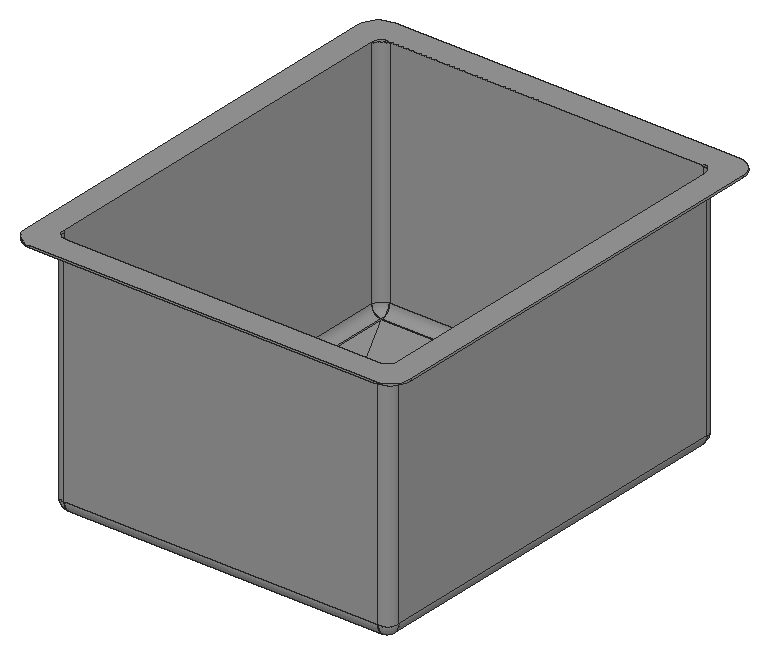
Revit family "BUILDMAT-SNA00020-Maya-380-Stainless-Steel", category Plumbing Fixtures, host Face, Revit 2020
Family settings
  Host = Face
  Round Connector Dimension = Use Diameter
  Part Type = Normal
  Cut with Voids When Loaded = No
  Shared = No
  Room Calculation Point = No
Parameters (values of type "Maya 380x450x250mm")
  Width = 330.0 mm
  Undermount [instance] = 0.0 mm
  URL = "https://www.buildmat.com.au/products/maya-380x450-single-bowl-sink"
  Side Sound Pad = no
  Side Brackets = yes
  Model = "SNA00020"  # constant formula
  Middle Sound Pad = yes
  Middle Bracket = no
  Manufacturer URL = "https://www.buildmat.com.au/"
  Manufacturer = "BUILDMAT"  # constant formula
  Length = 400.0 mm
  Description = "BUILDMAT - Maya 380x450 Single Bowl Sink"  # constant formula
  Depth = 250.0 mm
  Default Elevation = 1219.2 mm
  Created By URL = "https://www.buildmat.com.au/"
  Created By = "BUILDMAT"  # constant formula
  Created = "22.06.2022"  # constant formula
  Material = BUILDMAT Stainless Steel
Reference planes
  plane 1 "Center (Front/Back)": y = 0
  plane 2: z = 0
  plane 3 "Center (Left/Right)": x = 0
  plane 4 "Top Substrate": z = 0
  plane 5 "Left": x = -165
  plane 6 "Right": x = 165
  plane 7 "Back": y = 200
  plane 8 "Front": y = -200
  plane 9: x = -190
  plane 10: x = 190
  plane 11: y = -225
  plane 12: y = 225
  plane 13 "Bottom Void": z = -250
  plane 14: z = 1.5
  plane 15: x = -166.5
  plane 16: y = -201.5
  plane 17: x = 166.5
  plane 18: y = 201.5
  plane 19: z = -240
  plane 20: z = -230
  plane 21: x = -155
  plane 22: x = 155
  plane 23: y = -190
  plane 24: y = 190
  plane 25: z = -245
  plane 26: z = -241.5
  plane 27: z = -246.5
  plane 28: x = -100
  plane 29: x = 100
  plane 30 "Sound Pad": z = -130
  plane 31 "Front Bracket": y = -100
  plane 32 "Back Bracket": y = 100
  plane 33: x = -65
  plane 34: x = 65
  plane 35: x = -57
  plane 36: x = 57
  plane 37: x = -45
  plane 38: x = 45
Forms (mm)
  Extrusion 1, void
    sketch origin (0, 0, 0) x (1, 0, 0) y (0, 1, 0)
      loop
        arc (-155, 200) -> (-162.071, 197.071) -> (-165, 190) r 10
        line (-165, 190) -> (-165, -190)
        arc (-165, -190) -> (-162.071, -197.071) -> (-155, -200) r 10
        line (-155, -200) -> (155, -200)
        arc (155, -200) -> (162.071, -197.071) -> (165, -190) r 10
        line (165, -190) -> (165, 190)
        arc (165, 190) -> (162.071, 197.071) -> (155, 200) r 10
        line (155, 200) -> (-155, 200)
    from 0 to 1.5
  Extrusion 2, void
    sketch origin (0, 0, 0) x (1, 0, 0) y (0, 1, 0)
      loop
        line (-166.5, 201.5) -> (-166.5, -201.5) -> (166.5, -201.5) -> (166.5, 201.5) -> (-166.5, 201.5)
    from 0 to -250
  Extrusion 3, void
    sketch origin (0, 0, 0) x (1, 0, 0) y (0, 1, 0)
      loop
        arc (-170, 225) -> (-184.142, 219.142) -> (-190, 205) r 20
        line (-190, 205) -> (-190, -205)
        arc (-190, -205) -> (-184.142, -219.142) -> (-170, -225) r 20
        line (-170, -225) -> (170, -225)
        arc (170, -225) -> (184.142, -219.142) -> (190, -205) r 20
        line (190, -205) -> (190, 205)
        arc (190, 205) -> (184.142, 219.142) -> (170, 225) r 20
        line (170, 225) -> (-170, 225)
    from 1.5 to 0
  Extrusion 4, solid, material "BUILDMAT Stainless Steel" <- "Material"
    sketch origin (0, 0, 0) x (-1, 0, 0) y (0, -1, 0)
      loop
        arc (170, -225) -> (184.142, -219.142) -> (190, -205) r 20
        line (190, -205) -> (190, 205)
        arc (190, 205) -> (184.142, 219.142) -> (170, 225) r 20
        line (170, 225) -> (-170, 225)
        arc (-170, 225) -> (-184.142, 219.142) -> (-190, 205) r 20
        line (-190, 205) -> (-190, -205)
        arc (-190, -205) -> (-184.142, -219.142) -> (-170, -225) r 20
        line (-170, -225) -> (170, -225)
      loop
        arc (155, -200) -> (162.071, -197.071) -> (165, -190) r 10
        line (165, -190) -> (165, 190)
        arc (165, 190) -> (162.071, 197.071) -> (155, 200) r 10
        line (155, 200) -> (-155, 200)
        arc (-155, 200) -> (-162.071, 197.071) -> (-165, 190) r 10
        line (-165, 190) -> (-165, -190)
        arc (-165, -190) -> (-162.071, -197.071) -> (-155, -200) r 10
        line (-155, -200) -> (155, -200)
    from 0 to 1.5
  Extrusion 5, solid, material "BUILDMAT Stainless Steel" <- "Material"
    sketch origin (0, 0, 0) x (-1, 0, 0) y (0, -1, 0)
      loop
        arc (155, -201.5) -> (163.132, -198.132) -> (166.5, -190) r 11.5
        line (166.5, -190) -> (166.5, 190)
        arc (166.5, 190) -> (163.132, 198.132) -> (155, 201.5) r 11.5
        line (155, 201.5) -> (-155, 201.5)
        arc (-155, 201.5) -> (-163.132, 198.132) -> (-166.5, 190) r 11.5
        line (-166.5, 190) -> (-166.5, -190)
        arc (-166.5, -190) -> (-163.132, -198.132) -> (-155, -201.5) r 11.5
        line (-155, -201.5) -> (155, -201.5)
      loop
        arc (-155, 200) -> (-162.071, 197.071) -> (-165, 190) r 10
        line (-165, 190) -> (-165, -190)
        arc (-165, -190) -> (-162.071, -197.071) -> (-155, -200) r 10
        line (-155, -200) -> (155, -200)
        arc (155, -200) -> (162.071, -197.071) -> (165, -190) r 10
        line (165, -190) -> (165, 190)
        arc (165, 190) -> (162.071, 197.071) -> (155, 200) r 10
        line (155, 200) -> (-155, 200)
    from 0 to -230
  Revolve 6, solid, material "BUILDMAT Stainless Steel" <- "Material"
    sketch origin (-175.162, 190, 1219.2) x (-1, 0, 0) y (0, 0, 1)
      loop
        line (-340.162, -1449.2) -> (-341.662, -1449.2)
        arc (-341.662, -1449.2) -> (-338.293, -1457.332) -> (-330.162, -1460.7) r 11.5
        line (-330.162, -1460.7) -> (-330.162, -1459.2)
        arc (-330.162, -1459.2) -> (-337.233, -1456.271) -> (-340.162, -1449.2) r 10
      axis (-330.162, -1460.7) -> (-330.162, -1449.2)
    angle from 0 to -90
  Revolve 7, solid, material "BUILDMAT Stainless Steel" <- "Material"
    sketch origin (-175.162, 190, 1219.2) x (-1, 0, 0) y (0, 0, 1)
      loop
        arc (-10.162, -1449.2) -> (-13.091, -1456.271) -> (-20.162, -1459.2) r 10
        line (-20.162, -1459.2) -> (-20.162, -1460.7)
        arc (-20.162, -1460.7) -> (-12.03, -1457.332) -> (-8.662, -1449.2) r 11.5
        line (-8.662, -1449.2) -> (-10.162, -1449.2)
      axis (-20.162, -1449.2) -> (-20.162, -1460.7)
    angle from 0 to -90
  Revolve 8, solid, material "BUILDMAT Stainless Steel" <- "Material"
    sketch origin (-175.162, -190, 1219.2) x (-1, 0, 0) y (0, 0, 1)
      loop
        arc (-10.162, -1449.2) -> (-13.091, -1456.271) -> (-20.162, -1459.2) r 10
        line (-20.162, -1459.2) -> (-20.162, -1460.7)
        arc (-20.162, -1460.7) -> (-12.03, -1457.332) -> (-8.662, -1449.2) r 11.5
        line (-8.662, -1449.2) -> (-10.162, -1449.2)
      axis (-20.162, -1449.2) -> (-20.162, -1460.7)
    angle from 0 to 90
  Revolve 9, solid, material "BUILDMAT Stainless Steel" <- "Material"
    sketch origin (-175.162, -190, 1219.2) x (-1, 0, 0) y (0, 0, 1)
      loop
        line (-340.162, -1449.2) -> (-341.662, -1449.2)
        arc (-341.662, -1449.2) -> (-338.293, -1457.332) -> (-330.162, -1460.7) r 11.5
        line (-330.162, -1460.7) -> (-330.162, -1459.2)
        arc (-330.162, -1459.2) -> (-337.233, -1456.271) -> (-340.162, -1449.2) r 10
      axis (-330.162, -1449.2) -> (-330.162, -1460.7)
    angle from 0 to 90
  Extrusion 10, solid, material "BUILDMAT Stainless Steel" <- "Material"
    sketch origin (0, 0, 0) x (1, 0, 0) y (0, 0, 1)
      loop
        line (-165, -230) -> (-166.5, -230)
        arc (-166.5, -230) -> (-163.132, -238.132) -> (-155, -241.5) r 11.5
        line (-155, -241.5) -> (-155, -240)
        arc (-155, -240) -> (-162.071, -237.071) -> (-165, -230) r 10
    from -190 to 190
  Extrusion 11, solid, material "BUILDMAT Stainless Steel" <- "Material"
    sketch origin (0, 0, 0) x (1, 0, 0) y (0, 0, 1)
      loop
        arc (165, -230) -> (162.071, -237.071) -> (155, -240) r 10
        line (155, -240) -> (155, -241.5)
        arc (155, -241.5) -> (163.132, -238.132) -> (166.5, -230) r 11.5
        line (166.5, -230) -> (165, -230)
    from -190 to 190
  Extrusion 12, solid, material "BUILDMAT Stainless Steel" <- "Material"
    sketch origin (0, 0, 0) x (0, 1, 0) y (0, 0, 1)
      loop
        arc (200, -230) -> (197.071, -237.071) -> (190, -240) r 10
        line (190, -240) -> (190, -241.5)
        arc (190, -241.5) -> (198.132, -238.132) -> (201.5, -230) r 11.5
        line (201.5, -230) -> (200, -230)
    from -155 to 155
  Extrusion 13, solid, material "BUILDMAT Stainless Steel" <- "Material"
    sketch origin (0, 0, 0) x (0, 1, 0) y (0, 0, 1)
      loop
        line (-200, -230) -> (-201.5, -230)
        arc (-201.5, -230) -> (-198.132, -238.132) -> (-190, -241.5) r 11.5
        line (-190, -241.5) -> (-190, -240)
        arc (-190, -240) -> (-197.071, -237.071) -> (-200, -230) r 10
    from -155 to 155
  Revolve 14, solid, material "BUILDMAT Stainless Steel" <- "Material"
    sketch origin (0, 0, 0) x (1, 0, 0) y (0, 0, 1)
      loop
        line (-45, -250) -> (-45, -248.5)
        spline (-45, -248.5) -> (-46.484, -248.459) -> (-47.939, -248.339) -> (-49.337, -248.141) -> (-50.649, -247.871) -> (-51.848, -247.537) -> (-52.908, -247.151) -> (-53.805, -246.726) -> (-54.514, -246.283) -> (-55.023, -245.856) -> (-55.329, -245.483) -> (-55.468, -245.202) -> (-55.5, -245)
        line (-55.5, -245) -> (-57, -245)
        spline (-57, -245) -> (-56.897, -245.653) -> (-56.591, -246.294) -> (-56.087, -246.913) -> (-55.392, -247.5) -> (-54.52, -248.044) -> (-53.485, -248.536) -> (-52.305, -248.967) -> (-51, -249.33) -> (-49.592, -249.619) -> (-48.106, -249.83) -> (-46.566, -249.957) -> (-45, -250)
      axis (0, -245) -> (0, -250)
    angle from 0 to 360
  Blend 15, solid, material "BUILDMAT Stainless Steel" <- "Material"
    base sketch origin (0, 0, 0) x (-1, 0, 0) y (0, -1, 0)
      loop
        circle (0, 0) r 57
    top sketch origin (0, 0, 0) x (-1, 0, 0) y (0, -1, 0)
      loop
        line (155, -190) -> (155, 190) -> (-155, 190) -> (-155, -190) -> (155, -190)
    from -246.5 to -241.5
  Blend 16, void
    base sketch origin (0, 0, 0) x (-1, 0, 0) y (0, -1, 0)
      loop
        circle (0, 0) r 57
    top sketch origin (0, 0, 0) x (-1, 0, 0) y (0, -1, 0)
      loop
        line (155, -190) -> (155, 190) -> (-155, 190) -> (-155, -190) -> (155, -190)
    from -245 to -240
  Extrusion 17, solid, material "BUILDMAT Stainless Steel" <- "Material"
    sketch origin (0, 0, 0) x (-1, 0, 0) y (0, -1, 0)
      loop
        line (155, -190) -> (155, 190) -> (-155, 190) -> (-155, -190) -> (155, -190)
    from -241.5 to -240
  Extrusion 18, void
    sketch origin (0, 0, 0) x (-1, 0, 0) y (0, -1, 0)
      loop
        circle (0, 0) r 57
    from -250 to -230
Cuts and joins
  joined: Extrusion 4, Extrusion 5
  joined: Revolve 6, Revolve 9
  joined: Revolve 7, Revolve 8
  Blend 16, Extrusion 18 cuts Blend 15
  Blend 16, Extrusion 18 cuts Extrusion 17
  joined: Blend 15, Extrusion 17
Lines and regions (mm)
  Masking region 1
    outline origin (0, 0, 0) x (1, 0, 0) y (0, 0, 1)
      loop
        line (165, 0) -> (-165, 0) -> (-165, -230)
        arc (-165, -230) -> (-162.071, -237.071) -> (-155, -240) r 10
        line (-155, -240) -> (-57, -245) -> (57, -245) -> (155, -240)
        arc (155, -240) -> (162.071, -237.071) -> (165, -230) r 10
        line (165, -230) -> (165, 0)
  Masking region 2
    outline origin (0, 0, 0) x (1, 0, 0) y (0, 0, 1)
      loop
        line (-100, -244.306) -> (-100, -250) -> (-57, -250) -> (-57, -246.5) -> (-100, -244.306)
  Masking region 3
    outline origin (0, 0, 0) x (1, 0, 0) y (0, 0, 1)
      loop
        line (57, -246.5) -> (57, -250) -> (100, -250) -> (100, -244.306) -> (57, -246.5)
Text (mm)
  text "Refer to www.buildmat.com.au for the most current product literature. \nAllow a +/- 5mm tolerance for dimensions shown in the product literature. \nPlease note product details are subject to change due to ongoing product development." at (0.056, -1035.857, 0), in view "Ref. Level"
Dimensions and locks
  "Undermount": plane 2 to plane 4 "Top Substrate"
  equal spacing: plane 5 "Left", plane 3 "Center (Left/Right)", plane 6 "Right"
  "Width": plane 5 "Left" to plane 6 "Right"
  "Length": plane 7 "Back" to plane 8 "Front"
  equal spacing: plane 7 "Back", plane 1 "Center (Front/Back)", plane 8 "Front"
  locked: plane 12 to plane 7 "Back" at 25
  locked: plane 8 "Front" to plane 11 at 25
  locked: plane 9 to plane 5 "Left" at 25
  locked: plane 6 "Right" to plane 10 at 25
  "Depth": plane 4 "Top Substrate" to plane 13 "Bottom Void"
  locked: plane 14 to plane 4 "Top Substrate" at 1.5
  locked: plane 18 to plane 7 "Back" at 1.5
  locked: plane 8 "Front" to plane 16 at 1.5
  plane 15 to plane 5 "Left" = 1.5 mm
  plane 6 "Right" to plane 17 = 1.5 mm
  plane 20 to plane 19 to plane 13 "Bottom Void" = 10.0 mm, 10.0 mm
  locked: plane 5 "Left" to plane 21 at 10
  locked: plane 22 to plane 6 "Right" at 10
  locked: plane 7 "Back" to plane 24 at 10
  locked: plane 23 to plane 8 "Front" at 10
  locked: plane 19 to plane 26 at 1.5
  locked: plane 25 to plane 13 "Bottom Void" at 5
  locked: plane 25 to plane 27 at 1.5
  plane 29 to plane 3 "Center (Left/Right)" to plane 28 = 100.0 mm locked, 100.0 mm locked
  locked: plane 30 "Sound Pad" to plane 13 "Bottom Void" at 120
  locked: plane 7 "Back" to plane 32 "Back Bracket" at 100
  locked: plane 31 "Front Bracket" to plane 8 "Front" at 100
  locked: plane 33 to plane 5 "Left" at 100
  locked: plane 6 "Right" to plane 34 at 100
  equal spacing: plane 3 "Center (Left/Right)", nested 15, plane 33
  equal spacing: plane 34, nested 16, plane 3 "Center (Left/Right)"
  plane 37 to plane 3 "Center (Left/Right)" to plane 38 = 45.0 mm locked, 45.0 mm locked
  plane 35 to plane 3 "Center (Left/Right)" to plane 36 = 57.0 mm locked, 57.0 mm locked
  aligned and locked: plane 2 to host face
  aligned and locked: level to host face
  aligned and locked: plane 8 "Front" to Extrusion 1 sketch curve
  aligned and locked: Extrusion 1 sketch curve to plane 7 "Back"
  aligned and locked: plane 5 "Left" to Extrusion 1 sketch curve
  aligned and locked: Extrusion 1 sketch curve to plane 6 "Right"
  aligned and locked: plane 2 to Extrusion 1
  aligned and locked: Extrusion 1 to plane 14
  aligned and locked: Extrusion 2 sketch curve to plane 16
  aligned and locked: Extrusion 2 sketch curve to plane 18
  aligned and locked: plane 15 to Extrusion 2 sketch curve
  aligned and locked: plane 17 to Extrusion 2 sketch curve
  aligned and locked: Extrusion 2 to plane 13 "Bottom Void"
  aligned and locked: plane 4 "Top Substrate" to Extrusion 2
  aligned and locked: plane 11 to Extrusion 3 sketch curve
  aligned and locked: plane 9 to Extrusion 3 sketch curve
  aligned and locked: Extrusion 3 sketch curve to plane 10
  aligned and locked: Extrusion 3 sketch curve to plane 12
  aligned and locked: Extrusion 3 to plane 4 "Top Substrate"
  aligned and locked: plane 14 to Extrusion 3
  aligned and locked: plane 11 to Extrusion 4 sketch curve
  aligned and locked: Extrusion 4 sketch curve to plane 12
  aligned and locked: plane 9 to Extrusion 4 sketch curve
  aligned and locked: Extrusion 4 sketch curve to plane 10
  aligned and locked: plane 5 "Left" to Extrusion 4 sketch curve
  aligned and locked: Extrusion 4 sketch curve to plane 6 "Right"
  aligned and locked: Extrusion 4 sketch curve to plane 7 "Back"
  aligned and locked: plane 8 "Front" to Extrusion 4 sketch curve
  aligned and locked: Extrusion 5 sketch curve to plane 7 "Back"
  aligned and locked: plane 5 "Left" to Extrusion 5 sketch curve
  aligned and locked: Extrusion 5 sketch curve to plane 6 "Right"
  aligned and locked: plane 8 "Front" to Extrusion 5 sketch curve
  aligned and locked: plane 15 to Extrusion 5 sketch curve
  aligned and locked: Extrusion 5 sketch curve to plane 16
  aligned and locked: plane 17 to Extrusion 5 sketch curve
  aligned and locked: Extrusion 5 sketch curve to plane 18
  aligned and locked: Extrusion 5 to plane 20
  aligned and locked: plane 4 "Top Substrate" to Extrusion 5
  aligned and locked: Extrusion 11 to plane 23
  aligned and locked: plane 24 to Extrusion 11
  aligned and locked: plane 24 to Extrusion 10
  aligned and locked: Extrusion 10 to plane 23
  aligned and locked: Extrusion 13 to plane 21
  aligned and locked: plane 22 to Extrusion 13
  aligned and locked: plane 22 to Extrusion 12
  aligned and locked: Extrusion 12 to plane 21
  aligned and locked: plane 21 to Blend 15 sketch curve
  aligned and locked: Blend 15 sketch curve to plane 22
  aligned and locked: plane 23 to Blend 15 sketch curve
  aligned and locked: Blend 15 sketch curve to plane 24
  aligned and locked: plane 27 to Blend 15
  aligned and locked: Blend 15 to plane 26
  aligned and locked: Blend 16 sketch curve to plane 24
  aligned and locked: plane 21 to Blend 16 sketch curve
  aligned and locked: Blend 16 sketch curve to plane 22
  aligned and locked: plane 23 to Blend 16 sketch curve
  aligned and locked: Blend 16 to plane 25
  aligned and locked: plane 19 to Blend 16
  aligned and locked: Extrusion 17 sketch curve to plane 24
  aligned and locked: plane 23 to Extrusion 17 sketch curve
  aligned and locked: plane 21 to Extrusion 17 sketch curve
  aligned and locked: Extrusion 17 sketch curve to plane 22
  aligned and locked: Extrusion 17 to plane 26
  aligned and locked: plane 19 to Extrusion 17
  aligned and locked: Extrusion 18 to plane 13 "Bottom Void"
  aligned and locked: plane 20 to Extrusion 18
  aligned and locked: cut or joined group of Blend 15, Blend 16, Extrusion 17, Extrusion 18 to Masking region 2 sketch curve
  aligned and locked: Masking region 3 sketch curve to cut or joined group of Blend 15, Blend 16, Extrusion 17, Extrusion 18
  aligned and locked: plane 3 "Center (Left/Right)" to nested 1
  aligned and locked: nested 1 to plane 4 "Top Substrate"
  aligned and locked: plane 3 "Center (Left/Right)" to nested 2
  aligned and locked: nested 2 to plane 30 "Sound Pad"
  aligned and locked: nested 3 to plane 18
  aligned and locked: plane 3 "Center (Left/Right)" to nested 3
  aligned and locked: plane 16 to nested 4
  aligned and locked: nested 4 to plane 3 "Center (Left/Right)"
  aligned and locked: plane 31 "Front Bracket" to nested 6
  aligned and locked: plane 15 to nested 6
  aligned and locked: nested 8 to plane 31 "Front Bracket"
  aligned and locked: plane 17 to nested 8
  aligned and locked: nested 7 to plane 32 "Back Bracket"
  aligned and locked: plane 17 to nested 7
  aligned and locked: plane 32 "Back Bracket" to nested 5
  aligned and locked: plane 15 to nested 5
  aligned and locked: nested 9 to plane 4 "Top Substrate"
  aligned and locked: nested 9 to plane 33
  aligned and locked: nested 10 to plane 4 "Top Substrate"
  aligned and locked: nested 10 to plane 34
  aligned and locked: nested 13 to plane 33
  aligned and locked: nested 14 to plane 34
  aligned and locked: plane 16 to nested 13
  aligned and locked: plane 16 to nested 14
  aligned and locked: plane 33 to nested 11
  aligned and locked: nested 11 to plane 18
  aligned and locked: plane 34 to nested 12
  aligned and locked: nested 12 to plane 18
  aligned and locked: nested 15 to plane 30 "Sound Pad"
  aligned and locked: nested 16 to plane 30 "Sound Pad"
  aligned and locked: plane 23 to nested 17
  aligned and locked: plane 24 to nested 17
  aligned and locked: plane 22 to nested 17
  aligned and locked: plane 21 to nested 17
  aligned and locked: plane 3 "Center (Left/Right)" to nested 18
  aligned and locked: plane 1 "Center (Front/Back)" to nested 18
  aligned and locked: plane 4 "Top Substrate" to Masking region 1
Automatic sketch dimensions
  host sketch curve to host sketch curve = 2438.4 mm  (x2)
  plane 5 "Left" to Extrusion 1 sketch curve = 10.0 mm  (x2)
  Extrusion 1 sketch curve to plane 6 "Right" = 10.0 mm  (x2)
  Extrusion 4 sketch curve to plane 10 = 20.0 mm  (x2)
  Extrusion 4 sketch curve to Extrusion 4 sketch curve = 10.0 mm  (x2)
  plane 5 "Left" to Extrusion 4 sketch curve = 10.0 mm
  plane 9 to Extrusion 4 sketch curve = 20.0 mm
  plane 8 "Front" to Extrusion 4 sketch curve = 10.0 mm
  plane 11 to Extrusion 4 sketch curve = 20.0 mm
  Extrusion 3 sketch curve to plane 5 "Left" = 5.0 mm
  plane 6 "Right" to Extrusion 3 sketch curve = 5.0 mm  (x2)
  plane 7 "Back" to Extrusion 3 sketch curve = 5.0 mm
  plane 5 "Left" to Extrusion 5 sketch curve = 10.0 mm
  Extrusion 5 sketch curve to plane 6 "Right" = 10.0 mm
  plane 8 "Front" to Extrusion 5 sketch curve = 10.0 mm
  Extrusion 5 sketch curve to plane 7 "Back" = 10.0 mm
  Extrusion 5 sketch curve to Extrusion 5 sketch curve = 0.0 mm  (x4)
  Revolve 6 sketch curve to Revolve 6 sketch curve = 0.0 mm  (x3)
  plane 17 to Revolve 6 sketch curve = 0.0 mm
  Revolve 6 sketch curve to plane 6 "Right" = 0.0 mm
  Revolve 6 sketch curve to plane 22 = 0.0 mm  (x2)
  Revolve 6 sketch curve to plane 19 = 0.0 mm
  Revolve 6 sketch curve to plane 20 = 0.0 mm
  Revolve 7 sketch curve to Revolve 7 sketch curve = 0.0 mm  (x3)
  Revolve 7 sketch curve to plane 20 = 0.0 mm  (x2)
  Revolve 7 sketch curve to plane 21 = 0.0 mm  (x2)
  Revolve 7 sketch curve to plane 5 "Left" = 0.0 mm
  Revolve 7 sketch curve to plane 15 = 0.0 mm
  Revolve 8 sketch curve to Revolve 8 sketch curve = 0.0 mm  (x3)
  Revolve 8 sketch curve to plane 20 = 0.0 mm  (x2)
  Revolve 8 sketch curve to plane 21 = 0.0 mm  (x2)
  Revolve 8 sketch curve to plane 5 "Left" = 0.0 mm
  Revolve 8 sketch curve to plane 15 = 0.0 mm
  Revolve 9 sketch curve to Revolve 9 sketch curve = 0.0 mm  (x3)
  plane 17 to Revolve 9 sketch curve = 0.0 mm
  Revolve 9 sketch curve to plane 6 "Right" = 0.0 mm
  Revolve 9 sketch curve to plane 22 = 0.0 mm  (x2)
  Revolve 9 sketch curve to plane 20 = 0.0 mm
  Revolve 9 sketch curve to plane 19 = 0.0 mm
  Extrusion 10 sketch curve to plane 15 = 0.0 mm
  Extrusion 10 sketch curve to plane 5 "Left" = 0.0 mm
  Extrusion 10 sketch curve to plane 19 = 0.0 mm
  Extrusion 10 sketch curve to plane 21 = 0.0 mm
  Extrusion 11 sketch curve to plane 20 = 0.0 mm
  Extrusion 11 sketch curve to plane 22 = 0.0 mm
  Extrusion 11 sketch curve to plane 6 "Right" = 0.0 mm
  plane 17 to Extrusion 11 sketch curve = 0.0 mm
  Extrusion 12 sketch curve to plane 20 = 0.0 mm
  Extrusion 12 sketch curve to plane 24 = 0.0 mm
  Extrusion 12 sketch curve to plane 7 "Back" = 0.0 mm
  Extrusion 12 sketch curve to plane 18 = 0.0 mm
  Extrusion 13 sketch curve to plane 16 = 0.0 mm
  Extrusion 13 sketch curve to plane 8 "Front" = 0.0 mm
  Extrusion 13 sketch curve to plane 23 = 0.0 mm
  Extrusion 13 sketch curve to plane 19 = 0.0 mm
  Revolve 14 sketch curve to plane 25 = 0.0 mm
  Revolve 14 sketch curve to plane 13 "Bottom Void" = 0.0 mm  (x2)
  Revolve 14 sketch curve to plane 3 "Center (Left/Right)" = 0.0 mm
  Revolve 14 sketch curve to plane 20 = 0.0 mm
  Revolve 14 sketch curve to plane 3 "Center (Left/Right)" = 45.0 mm
  Revolve 14 sketch curve to Revolve 14 sketch curve = 10.5 mm
  Revolve 14 sketch curve to Revolve 14 sketch curve = 1.5 mm  (x2)
  Revolve 14 sketch curve to Revolve 14 sketch curve = 0.0 mm
  plane 1 "Center (Front/Back)" to Blend 15 sketch curve = 0.0 mm
  Blend 15 sketch curve to plane 3 "Center (Left/Right)" = 0.0 mm
  plane 1 "Center (Front/Back)" to Blend 16 sketch curve = 0.0 mm
  Blend 16 sketch curve to plane 3 "Center (Left/Right)" = 0.0 mm
  plane 1 "Center (Front/Back)" to Extrusion 18 sketch curve = 0.0 mm
  Extrusion 18 sketch curve to plane 3 "Center (Left/Right)" = 0.0 mm
  Masking region 1 sketch curve to level = 0.0 mm
  Masking region 1 sketch curve to plane 20 = 0.0 mm
  Masking region 1 sketch curve to plane 21 = 0.0 mm
  Masking region 1 sketch curve to plane 25 = 0.0 mm
  Masking region 1 sketch curve to plane 3 "Center (Left/Right)" = 57.0 mm
  plane 3 "Center (Left/Right)" to Masking region 1 sketch curve = 57.0 mm
  Masking region 1 sketch curve to plane 19 = 0.0 mm
  Masking region 1 sketch curve to plane 22 = 0.0 mm
  Masking region 1 sketch curve to plane 6 "Right" = 0.0 mm
  Masking region 1 sketch curve to plane 5 "Left" = 0.0 mm
  Masking region 2 sketch curve to plane 28 = 0.0 mm
  Masking region 2 sketch curve to plane 13 "Bottom Void" = 0.0 mm
  Masking region 2 sketch curve to plane 27 = 0.0 mm
  Masking region 3 sketch curve to plane 27 = 0.0 mm
  Masking region 3 sketch curve to plane 13 "Bottom Void" = 0.0 mm
  Masking region 3 sketch curve to plane 29 = 0.0 mm
  radius of Blend 15 sketch curve = 57.0 mm
  radius of Blend 16 sketch curve = 57.0 mm
  radius of Extrusion 18 sketch curve = 57.0 mm
Nested families
  nested 1: "TMB_Front" at (0, 0, 0) x (1, 0, 0) z (0, -1, 0), visible <- "Middle Bracket", type "TMB_Front"
  nested 2: "SP_Front" at (0, 0, -130) x (1, 0, 0) z (0, -1, 0), visible <- "Middle Sound Pad", type "SP_Front"
  nested 3: "TMB_Plan" at (0, 201.5, 0), visible <- "Middle Bracket", type "TMB_Plan"
  nested 4: "TMB_Plan" at (0, -201.5, 0) x (-1, 0, 0) z (0, 0, 1), visible <- "Middle Bracket", type "TMB_Plan"
  nested 5: "TMB_Plan" at (-166.5, 100, 0) x (0, 1, 0) z (0, 0, 1), type "TMB_Plan"
  nested 6: "TMB_Plan" at (-166.5, -100, 0) x (0, 1, 0) z (0, 0, 1), type "TMB_Plan"
  nested 7: "TMB_Plan" at (166.5, 100, 0) x (0, -1, 0) z (0, 0, 1), type "TMB_Plan"
  nested 8: "TMB_Plan" at (166.5, -100, 0) x (0, -1, 0) z (0, 0, 1), type "TMB_Plan"
  nested 9: "TMB_Front" at (-65, 0, 0) x (1, 0, 0) z (0, -1, 0), visible <- "Side Brackets", type "TMB_Front"
  nested 10: "TMB_Front" at (65, 0, 0) x (1, 0, 0) z (0, -1, 0), visible <- "Side Brackets", type "TMB_Front"
  nested 11: "TMB_Plan" at (-65, 201.5, 0), visible <- "Side Brackets", type "TMB_Plan"
  nested 12: "TMB_Plan" at (65, 201.5, 0), visible <- "Side Brackets", type "TMB_Plan"
  nested 13: "TMB_Plan" at (-65, -201.5, 0) x (-1, 0, 0) z (0, 0, 1), visible <- "Side Brackets", type "TMB_Plan"
  nested 14: "TMB_Plan" at (65, -201.5, 0) x (-1, 0, 0) z (0, 0, 1), visible <- "Side Brackets", type "TMB_Plan"
  nested 15: "SP_Front" at (-32.5, 0, -130) x (1, 0, 0) z (0, -1, 0), visible <- "Side Sound Pad", type "SP_Front"
  nested 16: "SP_Front" at (32.5, 0, -130) x (1, 0, 0) z (0, -1, 0), visible <- "Side Sound Pad", type "SP_Front"
  nested 17: "BOWL Plan" at (0, 0, -130), type "BOWL Plan"
    with Width 310.0 mm, Lenght 380.0 mm
  nested 18: "DRAIN" at (0, 0, 0), type "DRAIN"
Definition of nested family "TMB_Front"
  Reference planes
    plane 1 "Center (Elevation)": y = 0
    plane 2: z = 0
    plane 3 "Center (Left/Right)": x = 0
  Lines and regions (mm)
    Masking region 1, in view "Ref. Level"
      outline origin (0, 0, 0) x (1, 0, 0) y (0, 1, 0)
        loop
          line (-17.5, 0) -> (-17.5, -80) -> (17.5, -80) -> (17.5, 0) -> (-17.5, 0)
    detail lines, in view "Ref. Level"
      curve 1: line (-17.5, 0, 0) -> (-17.5, -80, 0)
      curve 2: line (-17.5, -80, 0) -> (17.5, -80, 0)
      curve 3: line (17.5, -80, 0) -> (17.5, 0, 0)
      curve 4: line (-12.5, -50, 0) -> (12.5, -50, 0)
      curve 5: line (-12.5, -75, 0) -> (-12.5, -50, 0)
      curve 6: line (12.5, -75, 0) -> (-12.5, -75, 0)
      curve 7: line (12.5, -50, 0) -> (12.5, -75, 0)
Definition of nested family "SP_Front"
  Reference planes
    plane 1 "Center (Elevation)": y = 0
    plane 2: z = 0
    plane 3 "Center (Left/Right)": x = 0
  Lines and regions (mm)
    Masking region 1, in view "Ref. Level"
      outline origin (0, 0, 0) x (1, 0, 0) y (0, 1, 0)
        loop
          arc (-50, 40) -> (-57.071, 37.071) -> (-60, 30) r 10
          line (-60, 30) -> (-60, -30)
          arc (-60, -30) -> (-57.071, -37.071) -> (-50, -40) r 10
          line (-50, -40) -> (50, -40)
          arc (50, -40) -> (57.071, -37.071) -> (60, -30) r 10
          line (60, -30) -> (60, 30)
          arc (60, 30) -> (57.071, 37.071) -> (50, 40) r 10
          line (50, 40) -> (-50, 40)
    detail lines, in view "Ref. Level"
      curve 1: line (-50, 40, 0) -> (50, 40, 0)
      curve 2: line (50, -40, 0) -> (-50, -40, 0)
      curve 3: line (60, 30, 0) -> (60, -30, 0)
      curve 4: line (-60, 30, 0) -> (-60, -30, 0)
      curve 5: arc (-50, 40, 0) -> (-57.071, 37.071, 0) -> (-60, 30, 0) r 10
      curve 6: arc (-60, -30, 0) -> (-57.071, -37.071, 0) -> (-50, -40, 0) r 10
      curve 7: arc (50, -40, 0) -> (57.071, -37.071, 0) -> (60, -30, 0) r 10
      curve 8: arc (60, 30, 0) -> (57.071, 37.071, 0) -> (50, 40, 0) r 10
  Dimensions and locks
    aligned and locked: Masking region 1 sketch curve to curve 1
    aligned and locked: Masking region 1 sketch curve to curve 4
    aligned and locked: Masking region 1 sketch curve to curve 2
    aligned and locked: Masking region 1 sketch curve to curve 3
Definition of nested family "TMB_Plan"
  Reference planes
    plane 1 "Center (Front/Back)": y = 0
    plane 2: z = 0
    plane 3 "Center (Left/Right)": x = 0
  Lines and regions (mm)
    detail lines, in view "Ref. Level"
      curve 1: line (-17.5, 0, 0) -> (17.5, 0, 0)
      curve 2: line (17.5, 0, 0) -> (17.5, 5, 0)
      curve 3: line (17.5, 5, 0) -> (12.5, 5, 0)
      curve 4: line (-17.5, 0, 0) -> (-17.5, 5, 0)
      curve 5: line (-17.5, 5, 0) -> (-12.5, 5, 0)
Definition of nested family "BOWL Plan"
  Parameters (values of type "BOWL Plan")
    Width [instance] = 600.0 mm
    Lenght [instance] = 400.0 mm
  Reference planes
    plane 1 "Center (Front/Back)": y = 0
    plane 2: z = 0
    plane 3 "Center (Left/Right)": x = 0
    plane 4 "Left": x = -300
    plane 5 "Right": x = 300
    plane 6 "Back": y = 200
    plane 7 "Front": y = -200
  Lines and regions (mm)
    Masking region 1, in view "Ref. Level"
      outline origin (0, 0, 0) x (1, 0, 0) y (0, 1, 0)
        loop
          line (-300, 200) -> (-300, -200) -> (300, -200) -> (300, 200) -> (-300, 200)
    detail lines, in view "Ref. Level"
      curve 1: line (-300, 200, 0) -> (300, -200, 0)
      curve 2: line (-300, -200, 0) -> (300, 200, 0)
  Dimensions and locks
    equal spacing: plane 6 "Back", plane 1 "Center (Front/Back)", plane 7 "Front"
    "Lenght": plane 6 "Back" to plane 7 "Front"
    equal spacing: plane 4 "Left", plane 3 "Center (Left/Right)", plane 5 "Right"
    "Width": plane 4 "Left" to plane 5 "Right"
    aligned and locked: plane 4 "Left" to Masking region 1 sketch curve
    aligned and locked: Masking region 1 sketch curve to plane 5 "Right"
    aligned and locked: plane 7 "Front" to Masking region 1 sketch curve
    aligned and locked: Masking region 1 sketch curve to plane 6 "Back"
  Automatic sketch dimensions
    curve 2 to plane 4 "Left" = 0.0 mm
    curve 1 to plane 4 "Left" = 0.0 mm
    curve 2 to plane 5 "Right" = 0.0 mm
    curve 1 to plane 5 "Right" = 0.0 mm
    curve 1 to plane 7 "Front" = 0.0 mm
    curve 2 to plane 7 "Front" = 0.0 mm
    curve 2 to plane 6 "Back" = 0.0 mm
    curve 1 to plane 6 "Back" = 0.0 mm
Definition of nested family "DRAIN"
  Reference planes
    plane 1 "Center (Front/Back)": y = 0
    plane 2: z = 0
    plane 3 "Center (Left/Right)": x = 0
  Lines and regions (mm)
    Masking region 1, in view "Ref. Level"
      outline origin (0, 0, 0) x (1, 0, 0) y (0, 1, 0)
        loop
          circle (0, 0) r 57
    detail lines, in view "Ref. Level"
      curve 1: circle (0, 0, 0) r 45 normal (0, 0, 1)
      curve 2: circle (0, 0, 0) r 55.5 normal (0, 0, 1)
